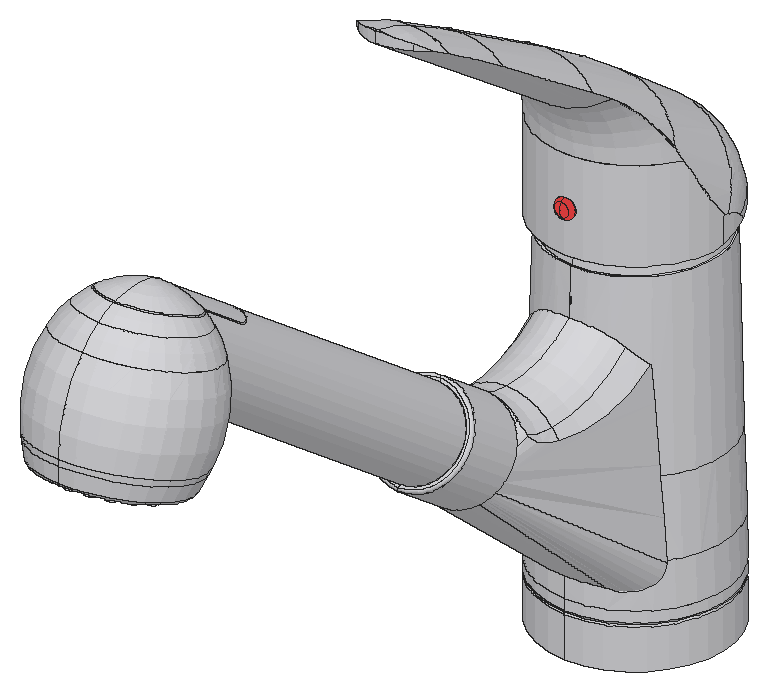
Revit family "Faucet-Kitchen-KOHLER-SOLEO-K-8691T", category Plumbing Fixtures, host Face, Revit 2017 (continued)
Definition of nested family "K-8691T"
  Lines and regions (in)
    symbolic lines, detail levels medium+fine
      curve 112: spline (0.54659, -3.74816, 0) -> (0.55416, -3.68004, 0) -> (0.56141, -3.61208, 0) -> (0.56835, -3.54427, 0) -> (0.57498, -3.47662, 0) -> (0.5813, -3.40913, 0) -> (0.58731, -3.3418, 0) -> (0.593, -3.27464, 0) -> (0.59838, -3.20764, 0) -> (0.60344, -3.14082, 0) -> (0.6082, -3.07416, 0) -> (0.61264, -3.00768, 0) -> (0.61676, -2.94138, 0)
      curve 113: spline (0.61676, -2.94138, 0) -> (0.6244, -2.83069, 0) -> (0.63249, -2.72013, 0) -> (0.64103, -2.60969, 0) -> (0.65001, -2.49938, 0) -> (0.65944, -2.3892, 0) -> (0.66932, -2.27914, 0) -> (0.67965, -2.16923, 0) -> (0.69042, -2.05944, 0) -> (0.70164, -1.94979, 0) -> (0.71331, -1.84028, 0) -> (0.72542, -1.7309, 0) -> (0.73798, -1.62167, 0)
      curve 114: spline (0.73798, -1.62167, 0) -> (0.74049, -1.59939, 0) -> (0.74296, -1.57714, 0) -> (0.7454, -1.55491, 0) -> (0.7478, -1.53271, 0) -> (0.75017, -1.51053, 0) -> (0.7525, -1.48837, 0) -> (0.75479, -1.46623, 0) -> (0.75705, -1.44412, 0) -> (0.75927, -1.42204, 0) -> (0.76146, -1.39997, 0) -> (0.76361, -1.37793, 0) -> (0.76572, -1.35592, 0)
      curve 115: line (0.76572, -1.35592, 0) -> (1.00397, -0.5916, 0)
      curve 116: arc (0.48046, 1.0314, 0) -> (0.24605, 1.11089, 0) -> (0, 1.13781, 0) r 1.13781
      curve 117: arc (0.93992, 0.68214, 0) -> (0.72895, 0.88144, 0) -> (0.48046, 1.0314, 0) r 1.35868
      curve 118: arc (0.63068, -3.48303, 0) -> (0.61212, -3.43253, 0) -> (0.5833, -3.38709, 0) r 0.25306
      curve 119: arc (0.64133, -3.5453, 0) -> (0.6372, -3.51396, 0) -> (0.63068, -3.48303, 0) r 0.41438
      curve 120: arc (1.00794, -7.96949, 0) -> (0.761, -8.76688, 0) -> (0, -9.10991, 0) r 1.01564
      curve 121: arc (0.14005, -7.53012, 0) -> (0, -7.56153, 0) -> (-0.14005, -7.53012, 0) r 0.32787
      curve 122: line (-0.56734, 0, 5.24914) -> (-0.56734, 0, 3.7086)
      curve 123: arc (-0.42576, 0, 3.43065) -> (-0.22637, 0, 3.31635) -> (0, 0, 3.27667) r 0.66559
      curve 124: arc (-0.56734, 0, 3.7086) -> (-0.52513, 0, 3.55507) -> (-0.42576, 0, 3.43065) r 0.39528
      curve 125: arc (-0.48637, 0, 3.35591) -> (-0.25866, 0, 3.22507) -> (0, 0, 3.17964) r 0.75913
      curve 126: arc (-0.63983, 0, 3.69732) -> (-0.60244, 0, 3.50893) -> (-0.48637, 0, 3.35591) r 0.42767
      curve 127: arc (-0.56734, 0, 3.95868) -> (-0.61935, 0, 3.83237) -> (-0.63983, 0, 3.69732) r 0.57043
      curve 128: line (-0.63881, 0, 3.65203) -> (-0.63881, 0, 3.18158)
      curve 129: arc (-1.16142, 0, 0.84359) -> (-1.05168, 0, 1.52385) -> (-0.92214, 0, 2.20061) r 23.59982
      curve 130: line (-1.13578, 0, 0.55129) -> (0.00054, 0, 0.55129)
      curve 131: arc (-0.92214, 0, 2.20061) -> (-0.79948, 0, 2.69658) -> (-0.63881, 0, 3.18158) r 6.59963
      curve 132: line (-1.03047, 0, 4.60343) -> (-0.89166, 0, 3.72702)
      curve 133: arc (-0.89166, 0, 3.72702) -> (-0.79708, 0, 3.59999) -> (-0.63881, 0, 3.60556) r 0.17051
      curve 134: line (-1.03047, 0, 4.60343) -> (-0.56734, 0, 4.60343)
      curve 135: line (-1.00557, 0, 4.7806) -> (-0.56734, 0, 4.7806)
      curve 136: spline (-0.08718, 0, 5.18991) -> (-0.08912, 0, 5.19422) -> (-0.09482, 0, 5.19825) -> (-0.10389, 0, 5.2017) -> (-0.1157, 0, 5.20435) -> (-0.12946, 0, 5.20602) -> (-0.14423, 0, 5.20659) -> (-0.15899, 0, 5.20602) -> (-0.17275, 0, 5.20435) -> (-0.18457, 0, 5.2017) -> (-0.19363, 0, 5.19825) -> (-0.19933, 0, 5.19422) -> (-0.20127, 0, 5.18991)
      curve 137: spline (-0.20127, 0, 5.18991) -> (-0.19933, 0, 5.18559) -> (-0.19363, 0, 5.18157) -> (-0.18457, 0, 5.17811) -> (-0.17275, 0, 5.17546) -> (-0.15899, 0, 5.1738) -> (-0.14423, 0, 5.17323) -> (-0.12946, 0, 5.1738) -> (-0.1157, 0, 5.17546) -> (-0.10389, 0, 5.17811) -> (-0.09482, 0, 5.18157) -> (-0.08912, 0, 5.18559) -> (-0.08718, 0, 5.18991)
      curve 138: spline (-0.15495, 0, 5.23447) -> (-0.1569, 0, 5.23878) -> (-0.1626, 0, 5.24281) -> (-0.17166, 0, 5.24626) -> (-0.18348, 0, 5.24891) -> (-0.19724, 0, 5.25058) -> (-0.212, 0, 5.25115) -> (-0.22677, 0, 5.25058) -> (-0.24053, 0, 5.24891) -> (-0.25234, 0, 5.24626) -> (-0.26141, 0, 5.24281) -> (-0.2671, 0, 5.23878) -> (-0.26905, 0, 5.23447)
      curve 139: spline (-0.26905, 0, 5.23447) -> (-0.2671, 0, 5.23015) -> (-0.26141, 0, 5.22613) -> (-0.25234, 0, 5.22267) -> (-0.24053, 0, 5.22002) -> (-0.22677, 0, 5.21836) -> (-0.212, 0, 5.21779) -> (-0.19724, 0, 5.21836) -> (-0.18348, 0, 5.22002) -> (-0.17166, 0, 5.22267) -> (-0.1626, 0, 5.22613) -> (-0.1569, 0, 5.23015) -> (-0.15495, 0, 5.23447)
      curve 140: spline (-0.31738, 0, 5.26413) -> (-0.31933, 0, 5.26845) -> (-0.32503, 0, 5.27247) -> (-0.33409, 0, 5.27593) -> (-0.34591, 0, 5.27858) -> (-0.35967, 0, 5.28024) -> (-0.37443, 0, 5.28081) -> (-0.3892, 0, 5.28024) -> (-0.40295, 0, 5.27858) -> (-0.41477, 0, 5.27593) -> (-0.42384, 0, 5.27247) -> (-0.42953, 0, 5.26845) -> (-0.43148, 0, 5.26413)
      curve 141: spline (-0.43148, 0, 5.26413) -> (-0.42953, 0, 5.25982) -> (-0.42384, 0, 5.25579) -> (-0.41477, 0, 5.25234) -> (-0.40295, 0, 5.24969) -> (-0.3892, 0, 5.24802) -> (-0.37443, 0, 5.24745) -> (-0.35967, 0, 5.24802) -> (-0.34591, 0, 5.24969) -> (-0.33409, 0, 5.25234) -> (-0.32503, 0, 5.25579) -> (-0.31933, 0, 5.25982) -> (-0.31738, 0, 5.26413)
      curve 142: spline (-0.31738, 0, 5.21584) -> (-0.31933, 0, 5.22015) -> (-0.32503, 0, 5.22418) -> (-0.33409, 0, 5.22763) -> (-0.34591, 0, 5.23028) -> (-0.35967, 0, 5.23195) -> (-0.37443, 0, 5.23252) -> (-0.3892, 0, 5.23195) -> (-0.40295, 0, 5.23028) -> (-0.41477, 0, 5.22763) -> (-0.42384, 0, 5.22418) -> (-0.42953, 0, 5.22015) -> (-0.43148, 0, 5.21584)
      curve 143: spline (-0.43148, 0, 5.21584) -> (-0.42953, 0, 5.21152) -> (-0.42384, 0, 5.2075) -> (-0.41477, 0, 5.20404) -> (-0.40295, 0, 5.20139) -> (-0.3892, 0, 5.19973) -> (-0.37443, 0, 5.19916) -> (-0.35967, 0, 5.19973) -> (-0.34591, 0, 5.20139) -> (-0.33409, 0, 5.20404) -> (-0.32503, 0, 5.2075) -> (-0.31933, 0, 5.21152) -> (-0.31738, 0, 5.21584)
      curve 144: spline (-0.42997, 0, 5.30904) -> (-0.43191, 0, 5.31336) -> (-0.43761, 0, 5.31738) -> (-0.44668, 0, 5.32084) -> (-0.45849, 0, 5.32349) -> (-0.47225, 0, 5.32515) -> (-0.48701, 0, 5.32572) -> (-0.50178, 0, 5.32515) -> (-0.51554, 0, 5.32349) -> (-0.52735, 0, 5.32084) -> (-0.53642, 0, 5.31738) -> (-0.54212, 0, 5.31336) -> (-0.54406, 0, 5.30904)
      curve 145: spline (-0.54406, 0, 5.30904) -> (-0.54212, 0, 5.30473) -> (-0.53642, 0, 5.3007) -> (-0.52735, 0, 5.29725) -> (-0.51554, 0, 5.2946) -> (-0.50178, 0, 5.29293) -> (-0.48701, 0, 5.29236) -> (-0.47225, 0, 5.29293) -> (-0.45849, 0, 5.2946) -> (-0.44668, 0, 5.29725) -> (-0.43761, 0, 5.3007) -> (-0.43191, 0, 5.30473) -> (-0.42997, 0, 5.30904)
      curve 146: spline (-0.48533, 0, 5.26413) -> (-0.48727, 0, 5.26845) -> (-0.49297, 0, 5.27247) -> (-0.50204, 0, 5.27593) -> (-0.51385, 0, 5.27858) -> (-0.52761, 0, 5.28024) -> (-0.54238, 0, 5.28081) -> (-0.55714, 0, 5.28024) -> (-0.5709, 0, 5.27858) -> (-0.58272, 0, 5.27593) -> (-0.59178, 0, 5.27247) -> (-0.59748, 0, 5.26845) -> (-0.59943, 0, 5.26413)
      curve 147: spline (-0.59943, 0, 5.26413) -> (-0.59748, 0, 5.25982) -> (-0.59178, 0, 5.25579) -> (-0.58272, 0, 5.25234) -> (-0.5709, 0, 5.24969) -> (-0.55714, 0, 5.24802) -> (-0.54238, 0, 5.24745) -> (-0.52761, 0, 5.24802) -> (-0.51385, 0, 5.24969) -> (-0.50204, 0, 5.25234) -> (-0.49297, 0, 5.25579) -> (-0.48727, 0, 5.25982) -> (-0.48533, 0, 5.26413)
      curve 148: spline (-0.5786, 0, 5.32165) -> (-0.58055, 0, 5.32597) -> (-0.58625, 0, 5.32999) -> (-0.59531, 0, 5.33345) -> (-0.60713, 0, 5.3361) -> (-0.62089, 0, 5.33776) -> (-0.63565, 0, 5.33833) -> (-0.65042, 0, 5.33776) -> (-0.66417, 0, 5.3361) -> (-0.67599, 0, 5.33345) -> (-0.68506, 0, 5.32999) -> (-0.69075, 0, 5.32597) -> (-0.6927, 0, 5.32165)
      curve 149: spline (-0.6927, 0, 5.32165) -> (-0.69075, 0, 5.31734) -> (-0.68506, 0, 5.31331) -> (-0.67599, 0, 5.30986) -> (-0.66417, 0, 5.30721) -> (-0.65042, 0, 5.30554) -> (-0.63565, 0, 5.30497) -> (-0.62089, 0, 5.30554) -> (-0.60713, 0, 5.30721) -> (-0.59531, 0, 5.30986) -> (-0.58625, 0, 5.31331) -> (-0.58055, 0, 5.31734) -> (-0.5786, 0, 5.32165)
      curve 150: spline (-0.47297, 0, 5.36294) -> (-0.47492, 0, 5.36726) -> (-0.48062, 0, 5.37128) -> (-0.48968, 0, 5.37474) -> (-0.5015, 0, 5.37739) -> (-0.51525, 0, 5.37905) -> (-0.53002, 0, 5.37962) -> (-0.54478, 0, 5.37905) -> (-0.55854, 0, 5.37739) -> (-0.57036, 0, 5.37474) -> (-0.57942, 0, 5.37128) -> (-0.58512, 0, 5.36726) -> (-0.58707, 0, 5.36294)
      curve 151: spline (-0.58707, 0, 5.36294) -> (-0.58512, 0, 5.35862) -> (-0.57942, 0, 5.3546) -> (-0.57036, 0, 5.35115) -> (-0.55854, 0, 5.3485) -> (-0.54478, 0, 5.34683) -> (-0.53002, 0, 5.34626) -> (-0.51525, 0, 5.34683) -> (-0.5015, 0, 5.3485) -> (-0.48968, 0, 5.35115) -> (-0.48062, 0, 5.3546) -> (-0.47492, 0, 5.35862) -> (-0.47297, 0, 5.36294)
      curve 152: spline (-0.638, 0, 5.37585) -> (-0.63995, 0, 5.38017) -> (-0.64565, 0, 5.38419) -> (-0.65471, 0, 5.38765) -> (-0.66653, 0, 5.3903) -> (-0.68028, 0, 5.39196) -> (-0.69505, 0, 5.39253) -> (-0.70981, 0, 5.39196) -> (-0.72357, 0, 5.3903) -> (-0.73539, 0, 5.38765) -> (-0.74445, 0, 5.38419) -> (-0.75015, 0, 5.38017) -> (-0.7521, 0, 5.37585)
      curve 153: spline (-0.7521, 0, 5.37585) -> (-0.75015, 0, 5.37154) -> (-0.74445, 0, 5.36751) -> (-0.73539, 0, 5.36406) -> (-0.72357, 0, 5.36141) -> (-0.70981, 0, 5.35974) -> (-0.69505, 0, 5.35917) -> (-0.68028, 0, 5.35974) -> (-0.66653, 0, 5.36141) -> (-0.65471, 0, 5.36406) -> (-0.64565, 0, 5.36751) -> (-0.63995, 0, 5.37154) -> (-0.638, 0, 5.37585)
      curve 154: spline (-0.50733, 0, 5.41232) -> (-0.50927, 0, 5.41663) -> (-0.51497, 0, 5.42066) -> (-0.52404, 0, 5.42411) -> (-0.53585, 0, 5.42676) -> (-0.54961, 0, 5.42843) -> (-0.56438, 0, 5.429) -> (-0.57914, 0, 5.42843) -> (-0.5929, 0, 5.42676) -> (-0.60472, 0, 5.42411) -> (-0.61378, 0, 5.42066) -> (-0.61948, 0, 5.41663) -> (-0.62142, 0, 5.41232)
      curve 155: spline (-0.62142, 0, 5.41232) -> (-0.61948, 0, 5.408) -> (-0.61378, 0, 5.40398) -> (-0.60472, 0, 5.40052) -> (-0.5929, 0, 5.39787) -> (-0.57914, 0, 5.39621) -> (-0.56438, 0, 5.39564) -> (-0.54961, 0, 5.39621) -> (-0.53585, 0, 5.39787) -> (-0.52404, 0, 5.40052) -> (-0.51497, 0, 5.40398) -> (-0.50927, 0, 5.408) -> (-0.50733, 0, 5.41232)
      curve 156: spline (-0.62941, 0, 5.45057) -> (-0.63136, 0, 5.45489) -> (-0.63706, 0, 5.45891) -> (-0.64612, 0, 5.46236) -> (-0.65794, 0, 5.46501) -> (-0.6717, 0, 5.46668) -> (-0.68646, 0, 5.46725) -> (-0.70123, 0, 5.46668) -> (-0.71498, 0, 5.46501) -> (-0.7268, 0, 5.46236) -> (-0.73587, 0, 5.45891) -> (-0.74156, 0, 5.45489) -> (-0.74351, 0, 5.45057)
      curve 157: spline (-0.74351, 0, 5.45057) -> (-0.74156, 0, 5.44625) -> (-0.73587, 0, 5.44223) -> (-0.7268, 0, 5.43878) -> (-0.71498, 0, 5.43612) -> (-0.70123, 0, 5.43446) -> (-0.68646, 0, 5.43389) -> (-0.6717, 0, 5.43446) -> (-0.65794, 0, 5.43612) -> (-0.64612, 0, 5.43878) -> (-0.63706, 0, 5.44223) -> (-0.63136, 0, 5.44625) -> (-0.62941, 0, 5.45057)
      curve 158: spline (-0.52758, 0, 5.50626) -> (-0.52952, 0, 5.51058) -> (-0.53522, 0, 5.5146) -> (-0.54429, 0, 5.51806) -> (-0.5561, 0, 5.52071) -> (-0.56986, 0, 5.52237) -> (-0.58462, 0, 5.52294) -> (-0.59939, 0, 5.52237) -> (-0.61315, 0, 5.52071) -> (-0.62496, 0, 5.51806) -> (-0.63403, 0, 5.5146) -> (-0.63973, 0, 5.51058) -> (-0.64167, 0, 5.50626)
      curve 159: spline (-0.64167, 0, 5.50626) -> (-0.63973, 0, 5.50195) -> (-0.63403, 0, 5.49792) -> (-0.62496, 0, 5.49447) -> (-0.61315, 0, 5.49182) -> (-0.59939, 0, 5.49015) -> (-0.58462, 0, 5.48958) -> (-0.56986, 0, 5.49015) -> (-0.5561, 0, 5.49182) -> (-0.54429, 0, 5.49447) -> (-0.53522, 0, 5.49792) -> (-0.52952, 0, 5.50195) -> (-0.52758, 0, 5.50626)
      curve 160: spline (-0.46698, 0, 5.46241) -> (-0.46892, 0, 5.46673) -> (-0.47462, 0, 5.47075) -> (-0.48369, 0, 5.4742) -> (-0.4955, 0, 5.47685) -> (-0.50926, 0, 5.47852) -> (-0.52402, 0, 5.47909) -> (-0.53879, 0, 5.47852) -> (-0.55255, 0, 5.47685) -> (-0.56436, 0, 5.4742) -> (-0.57343, 0, 5.47075) -> (-0.57913, 0, 5.46673) -> (-0.58107, 0, 5.46241)
      curve 161: spline (-0.58107, 0, 5.46241) -> (-0.57913, 0, 5.45809) -> (-0.57343, 0, 5.45407) -> (-0.56436, 0, 5.45062) -> (-0.55255, 0, 5.44797) -> (-0.53879, 0, 5.4463) -> (-0.52402, 0, 5.44573) -> (-0.50926, 0, 5.4463) -> (-0.4955, 0, 5.44797) -> (-0.48369, 0, 5.45062) -> (-0.47462, 0, 5.45407) -> (-0.46892, 0, 5.45809) -> (-0.46698, 0, 5.46241)
      curve 162: spline (-0.36233, 0, 5.50626) -> (-0.36428, 0, 5.51058) -> (-0.36998, 0, 5.5146) -> (-0.37904, 0, 5.51806) -> (-0.39086, 0, 5.52071) -> (-0.40461, 0, 5.52237) -> (-0.41938, 0, 5.52294) -> (-0.43414, 0, 5.52237) -> (-0.4479, 0, 5.52071) -> (-0.45972, 0, 5.51806) -> (-0.46878, 0, 5.5146) -> (-0.47448, 0, 5.51058) -> (-0.47643, 0, 5.50626)
      curve 163: spline (-0.47643, 0, 5.50626) -> (-0.47448, 0, 5.50195) -> (-0.46878, 0, 5.49792) -> (-0.45972, 0, 5.49447) -> (-0.4479, 0, 5.49182) -> (-0.43414, 0, 5.49015) -> (-0.41938, 0, 5.48958) -> (-0.40461, 0, 5.49015) -> (-0.39086, 0, 5.49182) -> (-0.37904, 0, 5.49447) -> (-0.36998, 0, 5.49792) -> (-0.36428, 0, 5.50195) -> (-0.36233, 0, 5.50626)
      curve 164: spline (-0.36848, 0, 5.55767) -> (-0.37043, 0, 5.56199) -> (-0.37613, 0, 5.56601) -> (-0.38519, 0, 5.56947) -> (-0.39701, 0, 5.57212) -> (-0.41077, 0, 5.57379) -> (-0.42553, 0, 5.57435) -> (-0.4403, 0, 5.57379) -> (-0.45405, 0, 5.57212) -> (-0.46587, 0, 5.56947) -> (-0.47494, 0, 5.56601) -> (-0.48063, 0, 5.56199) -> (-0.48258, 0, 5.55767)
      curve 165: spline (-0.48258, 0, 5.55767) -> (-0.48063, 0, 5.55336) -> (-0.47494, 0, 5.54933) -> (-0.46587, 0, 5.54588) -> (-0.45405, 0, 5.54323) -> (-0.4403, 0, 5.54156) -> (-0.42553, 0, 5.541) -> (-0.41077, 0, 5.54156) -> (-0.39701, 0, 5.54323) -> (-0.38519, 0, 5.54588) -> (-0.37613, 0, 5.54933) -> (-0.37043, 0, 5.55336) -> (-0.36848, 0, 5.55767)
      curve 166: spline (-0.16883, 0, 5.58552) -> (-0.17077, 0, 5.58984) -> (-0.17647, 0, 5.59386) -> (-0.18554, 0, 5.59732) -> (-0.19735, 0, 5.59997) -> (-0.21111, 0, 5.60163) -> (-0.22587, 0, 5.6022) -> (-0.24064, 0, 5.60163) -> (-0.2544, 0, 5.59997) -> (-0.26621, 0, 5.59732) -> (-0.27528, 0, 5.59386) -> (-0.28098, 0, 5.58984) -> (-0.28292, 0, 5.58552)
      curve 167: spline (-0.28292, 0, 5.58552) -> (-0.28098, 0, 5.58121) -> (-0.27528, 0, 5.57718) -> (-0.26621, 0, 5.57373) -> (-0.2544, 0, 5.57108) -> (-0.24064, 0, 5.56941) -> (-0.22587, 0, 5.56884) -> (-0.21111, 0, 5.56941) -> (-0.19735, 0, 5.57108) -> (-0.18554, 0, 5.57373) -> (-0.17647, 0, 5.57718) -> (-0.17077, 0, 5.58121) -> (-0.16883, 0, 5.58552)
      curve 168: spline (-0.21291, 0, 5.53742) -> (-0.21485, 0, 5.54174) -> (-0.22055, 0, 5.54576) -> (-0.22962, 0, 5.54922) -> (-0.24143, 0, 5.55187) -> (-0.25519, 0, 5.55353) -> (-0.26996, 0, 5.5541) -> (-0.28472, 0, 5.55353) -> (-0.29848, 0, 5.55187) -> (-0.3103, 0, 5.54922) -> (-0.31936, 0, 5.54576) -> (-0.32506, 0, 5.54174) -> (-0.327, 0, 5.53742)
      curve 169: spline (-0.327, 0, 5.53742) -> (-0.32506, 0, 5.53311) -> (-0.31936, 0, 5.52908) -> (-0.3103, 0, 5.52563) -> (-0.29848, 0, 5.52298) -> (-0.28472, 0, 5.52131) -> (-0.26996, 0, 5.52074) -> (-0.25519, 0, 5.52131) -> (-0.24143, 0, 5.52298) -> (-0.22962, 0, 5.52563) -> (-0.22055, 0, 5.52908) -> (-0.21485, 0, 5.53311) -> (-0.21291, 0, 5.53742)
      curve 170: spline (-0.03536, 0, 5.5555) -> (-0.03731, 0, 5.55981) -> (-0.04301, 0, 5.56384) -> (-0.05207, 0, 5.56729) -> (-0.06389, 0, 5.56994) -> (-0.07765, 0, 5.57161) -> (-0.09241, 0, 5.57218) -> (-0.10718, 0, 5.57161) -> (-0.12094, 0, 5.56994) -> (-0.13275, 0, 5.56729) -> (-0.14182, 0, 5.56384) -> (-0.14752, 0, 5.55981) -> (-0.14946, 0, 5.5555)
      curve 171: spline (-0.14946, 0, 5.5555) -> (-0.14752, 0, 5.55118) -> (-0.14182, 0, 5.54716) -> (-0.13275, 0, 5.5437) -> (-0.12094, 0, 5.54105) -> (-0.10718, 0, 5.53939) -> (-0.09241, 0, 5.53882) -> (-0.07765, 0, 5.53939) -> (-0.06389, 0, 5.54105) -> (-0.05207, 0, 5.5437) -> (-0.04301, 0, 5.54716) -> (-0.03731, 0, 5.55118) -> (-0.03536, 0, 5.5555)
      curve 172: spline (0.05705, 0, 5.59836) -> (0.0551, 0, 5.60268) -> (0.0494, 0, 5.6067) -> (0.04034, 0, 5.61015) -> (0.02852, 0, 5.6128) -> (0.01476, 0, 5.61447) -> (0, 0, 5.61504) -> (-0.01476, 0, 5.61447) -> (-0.02852, 0, 5.6128) -> (-0.04034, 0, 5.61015) -> (-0.0494, 0, 5.6067) -> (-0.0551, 0, 5.60268) -> (-0.05705, 0, 5.59836)
      curve 173: spline (-0.05705, 0, 5.59836) -> (-0.0551, 0, 5.59404) -> (-0.0494, 0, 5.59002) -> (-0.04034, 0, 5.58657) -> (-0.02852, 0, 5.58392) -> (-0.01476, 0, 5.58225) -> (0, 0, 5.58168) -> (0.01476, 0, 5.58225) -> (0.02852, 0, 5.58392) -> (0.04034, 0, 5.58657) -> (0.0494, 0, 5.59002) -> (0.0551, 0, 5.59404) -> (0.05705, 0, 5.59836)
      curve 174: arc (-0.50734, 0, 5.68763) -> (-0.25454, 0, 5.71922) -> (0, 0, 5.72978) r 3.07437
      curve 175: arc (-0.08718, 0, 5.18991) -> (-0.04364, 0, 5.18672) -> (0, 0, 5.18566) r 0.89701
      curve 176: arc (-0.20127, 0, 5.19606) -> (-0.26401, 0, 5.19743) -> (-0.32603, 0, 5.20701) r 0.47775
      curve 177: arc (-0.62457, 0, 5.26381) -> (-0.52914, 0, 5.23808) -> (-0.43148, 0, 5.22283) r 0.91085
      curve 178: arc (-0.76763, 0, 5.31679) -> (-0.69659, 0, 5.28898) -> (-0.62457, 0, 5.26381) r 2.06369
      curve 179: arc (-0.88613, 0, 5.41415) -> (-0.83414, 0, 5.35663) -> (-0.76763, 0, 5.31679) r 0.2628
      curve 180: arc (-0.88613, 0, 5.41415) -> (-0.89741, 0, 5.44518) -> (-0.89319, 0, 5.47793) r 0.06991
      curve 181: line (-0.08718, 0, 5.18991) -> (-0.08718, 0, 5.30094)
      curve 182: line (-0.20127, 0, 5.18991) -> (-0.20127, 0, 5.22572)
      curve 183: line (-0.26905, 0, 5.23447) -> (-0.26905, 0, 5.3342)
      curve 184: arc (-0.1549, 0, 5.31705) -> (-0.07761, 0, 5.30968) -> (0, 0, 5.30722) r 1.22594
      curve 185: arc (-0.32552, 0, 5.35701) -> (-0.24125, 0, 5.33261) -> (-0.1549, 0, 5.31705) r 0.84916
      curve 186: arc (-0.39484, 0, 5.40324) -> (-0.36314, 0, 5.37568) -> (-0.32552, 0, 5.35701) r 0.16531
      curve 187: arc (-0.18909, 0, 5.52224) -> (-0.09501, 0, 5.53629) -> (0, 0, 5.541) r 0.96243
      curve 188: arc (-0.34979, 0, 5.47897) -> (-0.27015, 0, 5.50323) -> (-0.18909, 0, 5.52224) r 1.27648
      curve 189: arc (-0.38961, 0, 5.45774) -> (-0.37056, 0, 5.46997) -> (-0.34979, 0, 5.47897) r 0.1402
      curve 190: arc (-0.39484, 0, 5.40324) -> (-0.40413, 0, 5.43163) -> (-0.38961, 0, 5.45774) r 0.03732
      curve 191: line (-0.41938, 0, 5.48958) -> (-0.41938, 0, 5.44849)
      curve 192: arc (-0.41938, 0, 5.44849) -> (-0.40785, 0, 5.41089) -> (-0.37724, 0, 5.38621) r 0.06709
      curve 193: arc (-0.82925, 0, 5.55741) -> (-0.67544, 0, 5.64018) -> (-0.50734, 0, 5.68763) r 0.80058
      curve 194: arc (-0.89319, 0, 5.47793) -> (-0.86703, 0, 5.52234) -> (-0.82925, 0, 5.55741) r 0.17813
      curve 195: line (-0.05705, 0, 5.59836) -> (-0.05705, 0, 5.6718)
      curve 196: line (0, 0, 5.67239) -> (0.06281, 0, 5.67239)
      curve 197: arc (-0.29455, 0, 5.65657) -> (-0.14749, 0, 5.66843) -> (0, 0, 5.67239) r 2.75094
      curve 198: arc (-0.64777, 0, 5.57161) -> (-0.4739, 0, 5.62548) -> (-0.29455, 0, 5.65657) r 1.4144
      curve 199: arc (-0.77589, 0, 5.47695) -> (-0.7183, 0, 5.53303) -> (-0.64777, 0, 5.57161) r 0.29702
      curve 200: line (-0.03536, 0, 5.5555) -> (-0.03536, 0, 5.5902)
      curve 201: line (-0.14946, 0, 5.5555) -> (-0.14946, 0, 5.66833)
      curve 202: line (-0.28292, 0, 5.58552) -> (-0.28292, 0, 5.6578)
      curve 203: line (-0.16883, 0, 5.58552) -> (-0.16883, 0, 5.6672)
      curve 204: line (-0.327, 0, 5.53742) -> (-0.327, 0, 5.6527)
      curve 205: line (-0.21291, 0, 5.53742) -> (-0.21291, 0, 5.56928)
      curve 206: line (-0.36848, 0, 5.55767) -> (-0.36848, 0, 5.64663)
      curve 207: line (-0.48258, 0, 5.55767) -> (-0.48258, 0, 5.62336)
      curve 208: line (-0.47643, 0, 5.50626) -> (-0.47643, 0, 5.55014)
      curve 209: line (-0.36233, 0, 5.50626) -> (-0.36233, 0, 5.616)
      curve 210: line (-0.64167, 0, 5.50626) -> (-0.64167, 0, 5.57392)
      curve 211: line (-0.52758, 0, 5.50626) -> (-0.52758, 0, 5.61145)
      curve 212: line (-0.46698, 0, 5.46241) -> (-0.46698, 0, 5.49707)
      curve 213: line (-0.58107, 0, 5.46241) -> (-0.59699, 0, 5.48998)
      curve 214: line (-0.62142, 0, 5.41232) -> (-0.62142, 0, 5.49352)
      curve 215: line (-0.50733, 0, 5.41232) -> (-0.50733, 0, 5.44646)
      curve 216: line (-0.47297, 0, 5.36294) -> (-0.47297, 0, 5.45497)
      curve 217: line (-0.58707, 0, 5.36294) -> (-0.58707, 0, 5.39701)
      curve 218: line (-0.74351, 0, 5.45057) -> (-0.74351, 0, 5.51216)
      curve 219: line (-0.7521, 0, 5.37585) -> (-0.7521, 0, 5.48528)
      curve 220: line (-0.638, 0, 5.37585) -> (-0.638, 0, 5.44177)
      curve 221: line (-0.6927, 0, 5.32165) -> (-0.6927, 0, 5.35919)
      curve 222: line (-0.5786, 0, 5.32165) -> (-0.5786, 0, 5.3542)
      curve 223: line (-0.48533, 0, 5.26413) -> (-0.48533, 0, 5.2971)
      curve 224: line (-0.59943, 0, 5.26413) -> (-0.59943, 0, 5.30877)
      curve 225: line (-0.54406, 0, 5.30904) -> (-0.54406, 0, 5.34678)
      curve 226: line (-0.42997, 0, 5.30904) -> (-0.42997, 0, 5.41176)
      curve 227: line (-0.43148, 0, 5.21584) -> (-0.43148, 0, 5.30523)
      curve 228: line (-0.31738, 0, 5.21584) -> (-0.31738, 0, 5.35423)
      curve 229: arc (-0.7521, 0, 5.3937) -> (-0.78518, 0, 5.42927) -> (-0.77589, 0, 5.47695) r 0.05355
      curve 230: arc (-1.05447, 0, 5.93705) -> (-1.00574, 0, 5.72525) -> (-0.93483, 0, 5.51982) r 2.04671
      curve 231: arc (-0.93483, 0, 5.51982) -> (-0.91704, 0, 5.47967) -> (-0.89677, 0, 5.44072) r 0.69757
      curve 232: arc (-0.73179, 0, 7.1839) -> (-0.40258, 0, 7.43173) -> (0, 0, 7.51969) r 0.96531
      curve 233: spline (0, 0, 7.47417) -> (-0.04623, 0, 7.47358) -> (-0.09218, 0, 7.47176) -> (-0.13753, 0, 7.46873) -> (-0.18202, 0, 7.46451) -> (-0.22536, 0, 7.45911) -> (-0.26727, 0, 7.45258) -> (-0.3075, 0, 7.44495) -> (-0.34577, 0, 7.43628) -> (-0.38187, 0, 7.42661) -> (-0.41554, 0, 7.41602) -> (-0.44659, 0, 7.40456) -> (-0.47482, 0, 7.39232)
      curve 234: spline (-0.45876, 0, 7.40253) -> (-0.43149, 0, 7.41432) -> (-0.40149, 0, 7.42535) -> (-0.36895, 0, 7.43555) -> (-0.33408, 0, 7.44486) -> (-0.2971, 0, 7.45322) -> (-0.25823, 0, 7.46058) -> (-0.21774, 0, 7.46689) -> (-0.17587, 0, 7.4721) -> (-0.13288, 0, 7.4762) -> (-0.08906, 0, 7.47914) -> (-0.04467, 0, 7.48092) -> (0, 0, 7.48152)
      curve 235: spline (0, 0, 8.63583) -> (-0.03459, 0, 8.63703) -> (-0.06903, 0, 8.63765) -> (-0.10317, 0, 8.6377) -> (-0.13685, 0, 8.63716) -> (-0.16992, 0, 8.63606) -> (-0.20223, 0, 8.63438) -> (-0.23363, 0, 8.63214) -> (-0.26398, 0, 8.62935) -> (-0.29314, 0, 8.62603) -> (-0.32099, 0, 8.62217) -> (-0.34738, 0, 8.61781) -> (-0.37222, 0, 8.61297)
      curve 236: arc (-0.37222, 0, 8.61297) -> (-0.45827, 0, 8.5818) -> (-0.53249, 0, 8.52824) r 0.33064
      curve 237: arc (-0.91749, 0, 6.91172) -> (-0.47269, 0, 7.08186) -> (0, 0, 7.13971) r 1.96007
      curve 238: line (0.56734, 0, 5.24914) -> (0.56734, 0, 3.7086)
      curve 239: arc (0.42576, 0, 3.43065) -> (0.22637, 0, 3.31635) -> (0, 0, 3.27667) r 0.66559
      curve 240: arc (0.56734, 0, 3.7086) -> (0.52513, 0, 3.55507) -> (0.42576, 0, 3.43065) r 0.39528
      curve 241: arc (0.48637, 0, 3.35591) -> (0.25866, 0, 3.22507) -> (0, 0, 3.17964) r 0.75913
      curve 242: arc (0.63983, 0, 3.69732) -> (0.60244, 0, 3.50893) -> (0.48637, 0, 3.35591) r 0.42767
      curve 243: arc (0.56734, 0, 3.95868) -> (0.61935, 0, 3.83237) -> (0.63983, 0, 3.69732) r 0.57043
      curve 244: arc (1.16142, 0, 0.84359) -> (1.05168, 0, 1.52385) -> (0.92214, 0, 2.20061) r 23.59982
      curve 245: line (1.13578, 0, 0.55129) -> (0.00054, 0, 0.55129)
      curve 246: arc (0.92214, 0, 2.20061) -> (0.79948, 0, 2.69658) -> (0.63881, 0, 3.18158) r 6.59963
      curve 247: line (1.03047, 0, 4.60343) -> (0.89166, 0, 3.72702)
      curve 248: arc (0.89166, 0, 3.72702) -> (0.79708, 0, 3.59999) -> (0.63881, 0, 3.60556) r 0.17051
      curve 249: line (1.03047, 0, 4.60343) -> (0.56734, 0, 4.60343)
      curve 250: line (1.00557, 0, 4.7806) -> (0.56734, 0, 4.7806)
      curve 251: spline (0.08718, 0, 5.18991) -> (0.08912, 0, 5.19422) -> (0.09482, 0, 5.19825) -> (0.10389, 0, 5.2017) -> (0.1157, 0, 5.20435) -> (0.12946, 0, 5.20602) -> (0.14423, 0, 5.20659) -> (0.15899, 0, 5.20602) -> (0.17275, 0, 5.20435) -> (0.18457, 0, 5.2017) -> (0.19363, 0, 5.19825) -> (0.19933, 0, 5.19422) -> (0.20127, 0, 5.18991)
      curve 252: spline (0.20127, 0, 5.18991) -> (0.19933, 0, 5.18559) -> (0.19363, 0, 5.18157) -> (0.18457, 0, 5.17811) -> (0.17275, 0, 5.17546) -> (0.15899, 0, 5.1738) -> (0.14423, 0, 5.17323) -> (0.12946, 0, 5.1738) -> (0.1157, 0, 5.17546) -> (0.10389, 0, 5.17811) -> (0.09482, 0, 5.18157) -> (0.08912, 0, 5.18559) -> (0.08718, 0, 5.18991)
      curve 253: spline (0.15495, 0, 5.23447) -> (0.1569, 0, 5.23878) -> (0.1626, 0, 5.24281) -> (0.17166, 0, 5.24626) -> (0.18348, 0, 5.24891) -> (0.19724, 0, 5.25058) -> (0.212, 0, 5.25115) -> (0.22677, 0, 5.25058) -> (0.24053, 0, 5.24891) -> (0.25234, 0, 5.24626) -> (0.26141, 0, 5.24281) -> (0.2671, 0, 5.23878) -> (0.26905, 0, 5.23447)
      curve 254: spline (0.26905, 0, 5.23447) -> (0.2671, 0, 5.23015) -> (0.26141, 0, 5.22613) -> (0.25234, 0, 5.22267) -> (0.24053, 0, 5.22002) -> (0.22677, 0, 5.21836) -> (0.212, 0, 5.21779) -> (0.19724, 0, 5.21836) -> (0.18348, 0, 5.22002) -> (0.17166, 0, 5.22267) -> (0.1626, 0, 5.22613) -> (0.1569, 0, 5.23015) -> (0.15495, 0, 5.23447)
      curve 255: spline (0.31738, 0, 5.26413) -> (0.31933, 0, 5.26845) -> (0.32503, 0, 5.27247) -> (0.33409, 0, 5.27593) -> (0.34591, 0, 5.27858) -> (0.35967, 0, 5.28024) -> (0.37443, 0, 5.28081) -> (0.3892, 0, 5.28024) -> (0.40295, 0, 5.27858) -> (0.41477, 0, 5.27593) -> (0.42384, 0, 5.27247) -> (0.42953, 0, 5.26845) -> (0.43148, 0, 5.26413)
      curve 256: spline (0.43148, 0, 5.26413) -> (0.42953, 0, 5.25982) -> (0.42384, 0, 5.25579) -> (0.41477, 0, 5.25234) -> (0.40295, 0, 5.24969) -> (0.3892, 0, 5.24802) -> (0.37443, 0, 5.24745) -> (0.35967, 0, 5.24802) -> (0.34591, 0, 5.24969) -> (0.33409, 0, 5.25234) -> (0.32503, 0, 5.25579) -> (0.31933, 0, 5.25982) -> (0.31738, 0, 5.26413)
      curve 257: spline (0.31738, 0, 5.21584) -> (0.31933, 0, 5.22015) -> (0.32503, 0, 5.22418) -> (0.33409, 0, 5.22763) -> (0.34591, 0, 5.23028) -> (0.35967, 0, 5.23195) -> (0.37443, 0, 5.23252) -> (0.3892, 0, 5.23195) -> (0.40295, 0, 5.23028) -> (0.41477, 0, 5.22763) -> (0.42384, 0, 5.22418) -> (0.42953, 0, 5.22015) -> (0.43148, 0, 5.21584)
      curve 258: spline (0.43148, 0, 5.21584) -> (0.42953, 0, 5.21152) -> (0.42384, 0, 5.2075) -> (0.41477, 0, 5.20404) -> (0.40295, 0, 5.20139) -> (0.3892, 0, 5.19973) -> (0.37443, 0, 5.19916) -> (0.35967, 0, 5.19973) -> (0.34591, 0, 5.20139) -> (0.33409, 0, 5.20404) -> (0.32503, 0, 5.2075) -> (0.31933, 0, 5.21152) -> (0.31738, 0, 5.21584)
      curve 259: spline (0.42997, 0, 5.30904) -> (0.43191, 0, 5.31336) -> (0.43761, 0, 5.31738) -> (0.44668, 0, 5.32084) -> (0.45849, 0, 5.32349) -> (0.47225, 0, 5.32515) -> (0.48701, 0, 5.32572) -> (0.50178, 0, 5.32515) -> (0.51554, 0, 5.32349) -> (0.52735, 0, 5.32084) -> (0.53642, 0, 5.31738) -> (0.54212, 0, 5.31336) -> (0.54406, 0, 5.30904)
      curve 260: spline (0.54406, 0, 5.30904) -> (0.54212, 0, 5.30473) -> (0.53642, 0, 5.3007) -> (0.52735, 0, 5.29725) -> (0.51554, 0, 5.2946) -> (0.50178, 0, 5.29293) -> (0.48701, 0, 5.29236) -> (0.47225, 0, 5.29293) -> (0.45849, 0, 5.2946) -> (0.44668, 0, 5.29725) -> (0.43761, 0, 5.3007) -> (0.43191, 0, 5.30473) -> (0.42997, 0, 5.30904)
      curve 261: spline (0.48533, 0, 5.26413) -> (0.48727, 0, 5.26845) -> (0.49297, 0, 5.27247) -> (0.50204, 0, 5.27593) -> (0.51385, 0, 5.27858) -> (0.52761, 0, 5.28024) -> (0.54238, 0, 5.28081) -> (0.55714, 0, 5.28024) -> (0.5709, 0, 5.27858) -> (0.58272, 0, 5.27593) -> (0.59178, 0, 5.27247) -> (0.59748, 0, 5.26845) -> (0.59943, 0, 5.26413)
      curve 262: spline (0.59943, 0, 5.26413) -> (0.59748, 0, 5.25982) -> (0.59178, 0, 5.25579) -> (0.58272, 0, 5.25234) -> (0.5709, 0, 5.24969) -> (0.55714, 0, 5.24802) -> (0.54238, 0, 5.24745) -> (0.52761, 0, 5.24802) -> (0.51385, 0, 5.24969) -> (0.50204, 0, 5.25234) -> (0.49297, 0, 5.25579) -> (0.48727, 0, 5.25982) -> (0.48533, 0, 5.26413)
      curve 263: spline (0.5786, 0, 5.32165) -> (0.58055, 0, 5.32597) -> (0.58625, 0, 5.32999) -> (0.59531, 0, 5.33345) -> (0.60713, 0, 5.3361) -> (0.62089, 0, 5.33776) -> (0.63565, 0, 5.33833) -> (0.65042, 0, 5.33776) -> (0.66417, 0, 5.3361) -> (0.67599, 0, 5.33345) -> (0.68506, 0, 5.32999) -> (0.69075, 0, 5.32597) -> (0.6927, 0, 5.32165)
      curve 264: spline (0.6927, 0, 5.32165) -> (0.69075, 0, 5.31734) -> (0.68506, 0, 5.31331) -> (0.67599, 0, 5.30986) -> (0.66417, 0, 5.30721) -> (0.65042, 0, 5.30554) -> (0.63565, 0, 5.30497) -> (0.62089, 0, 5.30554) -> (0.60713, 0, 5.30721) -> (0.59531, 0, 5.30986) -> (0.58625, 0, 5.31331) -> (0.58055, 0, 5.31734) -> (0.5786, 0, 5.32165)
      curve 265: spline (0.47297, 0, 5.36294) -> (0.47492, 0, 5.36726) -> (0.48062, 0, 5.37128) -> (0.48968, 0, 5.37474) -> (0.5015, 0, 5.37739) -> (0.51525, 0, 5.37905) -> (0.53002, 0, 5.37962) -> (0.54478, 0, 5.37905) -> (0.55854, 0, 5.37739) -> (0.57036, 0, 5.37474) -> (0.57942, 0, 5.37128) -> (0.58512, 0, 5.36726) -> (0.58707, 0, 5.36294)
      curve 266: spline (0.58707, 0, 5.36294) -> (0.58512, 0, 5.35862) -> (0.57942, 0, 5.3546) -> (0.57036, 0, 5.35115) -> (0.55854, 0, 5.3485) -> (0.54478, 0, 5.34683) -> (0.53002, 0, 5.34626) -> (0.51525, 0, 5.34683) -> (0.5015, 0, 5.3485) -> (0.48968, 0, 5.35115) -> (0.48062, 0, 5.3546) -> (0.47492, 0, 5.35862) -> (0.47297, 0, 5.36294)
      curve 267: spline (0.638, 0, 5.37585) -> (0.63995, 0, 5.38017) -> (0.64565, 0, 5.38419) -> (0.65471, 0, 5.38765) -> (0.66653, 0, 5.3903) -> (0.68028, 0, 5.39196) -> (0.69505, 0, 5.39253) -> (0.70981, 0, 5.39196) -> (0.72357, 0, 5.3903) -> (0.73539, 0, 5.38765) -> (0.74445, 0, 5.38419) -> (0.75015, 0, 5.38017) -> (0.7521, 0, 5.37585)
      curve 268: spline (0.7521, 0, 5.37585) -> (0.75015, 0, 5.37154) -> (0.74445, 0, 5.36751) -> (0.73539, 0, 5.36406) -> (0.72357, 0, 5.36141) -> (0.70981, 0, 5.35974) -> (0.69505, 0, 5.35917) -> (0.68028, 0, 5.35974) -> (0.66653, 0, 5.36141) -> (0.65471, 0, 5.36406) -> (0.64565, 0, 5.36751) -> (0.63995, 0, 5.37154) -> (0.638, 0, 5.37585)
      curve 269: spline (0.50733, 0, 5.41232) -> (0.50927, 0, 5.41663) -> (0.51497, 0, 5.42066) -> (0.52404, 0, 5.42411) -> (0.53585, 0, 5.42676) -> (0.54961, 0, 5.42843) -> (0.56438, 0, 5.429) -> (0.57914, 0, 5.42843) -> (0.5929, 0, 5.42676) -> (0.60472, 0, 5.42411) -> (0.61378, 0, 5.42066) -> (0.61948, 0, 5.41663) -> (0.62142, 0, 5.41232)
      curve 270: spline (0.62142, 0, 5.41232) -> (0.61948, 0, 5.408) -> (0.61378, 0, 5.40398) -> (0.60472, 0, 5.40052) -> (0.5929, 0, 5.39787) -> (0.57914, 0, 5.39621) -> (0.56438, 0, 5.39564) -> (0.54961, 0, 5.39621) -> (0.53585, 0, 5.39787) -> (0.52404, 0, 5.40052) -> (0.51497, 0, 5.40398) -> (0.50927, 0, 5.408) -> (0.50733, 0, 5.41232)
      curve 271: spline (0.62941, 0, 5.45057) -> (0.63136, 0, 5.45489) -> (0.63706, 0, 5.45891) -> (0.64612, 0, 5.46236) -> (0.65794, 0, 5.46501) -> (0.6717, 0, 5.46668) -> (0.68646, 0, 5.46725) -> (0.70123, 0, 5.46668) -> (0.71498, 0, 5.46501) -> (0.7268, 0, 5.46236) -> (0.73587, 0, 5.45891) -> (0.74156, 0, 5.45489) -> (0.74351, 0, 5.45057)
      curve 272: spline (0.74351, 0, 5.45057) -> (0.74156, 0, 5.44625) -> (0.73587, 0, 5.44223) -> (0.7268, 0, 5.43878) -> (0.71498, 0, 5.43612) -> (0.70123, 0, 5.43446) -> (0.68646, 0, 5.43389) -> (0.6717, 0, 5.43446) -> (0.65794, 0, 5.43612) -> (0.64612, 0, 5.43878) -> (0.63706, 0, 5.44223) -> (0.63136, 0, 5.44625) -> (0.62941, 0, 5.45057)
      curve 273: spline (0.52758, 0, 5.50626) -> (0.52952, 0, 5.51058) -> (0.53522, 0, 5.5146) -> (0.54429, 0, 5.51806) -> (0.5561, 0, 5.52071) -> (0.56986, 0, 5.52237) -> (0.58462, 0, 5.52294) -> (0.59939, 0, 5.52237) -> (0.61315, 0, 5.52071) -> (0.62496, 0, 5.51806) -> (0.63403, 0, 5.5146) -> (0.63973, 0, 5.51058) -> (0.64167, 0, 5.50626)
      curve 274: spline (0.64167, 0, 5.50626) -> (0.63973, 0, 5.50195) -> (0.63403, 0, 5.49792) -> (0.62496, 0, 5.49447) -> (0.61315, 0, 5.49182) -> (0.59939, 0, 5.49015) -> (0.58462, 0, 5.48958) -> (0.56986, 0, 5.49015) -> (0.5561, 0, 5.49182) -> (0.54429, 0, 5.49447) -> (0.53522, 0, 5.49792) -> (0.52952, 0, 5.50195) -> (0.52758, 0, 5.50626)
      curve 275: spline (0.46698, 0, 5.46241) -> (0.46892, 0, 5.46673) -> (0.47462, 0, 5.47075) -> (0.48369, 0, 5.4742) -> (0.4955, 0, 5.47685) -> (0.50926, 0, 5.47852) -> (0.52402, 0, 5.47909) -> (0.53879, 0, 5.47852) -> (0.55255, 0, 5.47685) -> (0.56436, 0, 5.4742) -> (0.57343, 0, 5.47075) -> (0.57913, 0, 5.46673) -> (0.58107, 0, 5.46241)
      curve 276: spline (0.58107, 0, 5.46241) -> (0.57913, 0, 5.45809) -> (0.57343, 0, 5.45407) -> (0.56436, 0, 5.45062) -> (0.55255, 0, 5.44797) -> (0.53879, 0, 5.4463) -> (0.52402, 0, 5.44573) -> (0.50926, 0, 5.4463) -> (0.4955, 0, 5.44797) -> (0.48369, 0, 5.45062) -> (0.47462, 0, 5.45407) -> (0.46892, 0, 5.45809) -> (0.46698, 0, 5.46241)
      curve 277: spline (0.36233, 0, 5.50626) -> (0.36428, 0, 5.51058) -> (0.36998, 0, 5.5146) -> (0.37904, 0, 5.51806) -> (0.39086, 0, 5.52071) -> (0.40461, 0, 5.52237) -> (0.41938, 0, 5.52294) -> (0.43414, 0, 5.52237) -> (0.4479, 0, 5.52071) -> (0.45972, 0, 5.51806) -> (0.46878, 0, 5.5146) -> (0.47448, 0, 5.51058) -> (0.47643, 0, 5.50626)
      curve 278: spline (0.47643, 0, 5.50626) -> (0.47448, 0, 5.50195) -> (0.46878, 0, 5.49792) -> (0.45972, 0, 5.49447) -> (0.4479, 0, 5.49182) -> (0.43414, 0, 5.49015) -> (0.41938, 0, 5.48958) -> (0.40461, 0, 5.49015) -> (0.39086, 0, 5.49182) -> (0.37904, 0, 5.49447) -> (0.36998, 0, 5.49792) -> (0.36428, 0, 5.50195) -> (0.36233, 0, 5.50626)
      curve 279: spline (0.36848, 0, 5.55767) -> (0.37043, 0, 5.56199) -> (0.37613, 0, 5.56601) -> (0.38519, 0, 5.56947) -> (0.39701, 0, 5.57212) -> (0.41077, 0, 5.57379) -> (0.42553, 0, 5.57435) -> (0.4403, 0, 5.57379) -> (0.45405, 0, 5.57212) -> (0.46587, 0, 5.56947) -> (0.47494, 0, 5.56601) -> (0.48063, 0, 5.56199) -> (0.48258, 0, 5.55767)
      curve 280: spline (0.48258, 0, 5.55767) -> (0.48063, 0, 5.55336) -> (0.47494, 0, 5.54933) -> (0.46587, 0, 5.54588) -> (0.45405, 0, 5.54323) -> (0.4403, 0, 5.54156) -> (0.42553, 0, 5.541) -> (0.41077, 0, 5.54156) -> (0.39701, 0, 5.54323) -> (0.38519, 0, 5.54588) -> (0.37613, 0, 5.54933) -> (0.37043, 0, 5.55336) -> (0.36848, 0, 5.55767)
      curve 281: spline (0.16883, 0, 5.58552) -> (0.17077, 0, 5.58984) -> (0.17647, 0, 5.59386) -> (0.18554, 0, 5.59732) -> (0.19735, 0, 5.59997) -> (0.21111, 0, 5.60163) -> (0.22587, 0, 5.6022) -> (0.24064, 0, 5.60163) -> (0.2544, 0, 5.59997) -> (0.26621, 0, 5.59732) -> (0.27528, 0, 5.59386) -> (0.28098, 0, 5.58984) -> (0.28292, 0, 5.58552)
      curve 282: spline (0.28292, 0, 5.58552) -> (0.28098, 0, 5.58121) -> (0.27528, 0, 5.57718) -> (0.26621, 0, 5.57373) -> (0.2544, 0, 5.57108) -> (0.24064, 0, 5.56941) -> (0.22587, 0, 5.56884) -> (0.21111, 0, 5.56941) -> (0.19735, 0, 5.57108) -> (0.18554, 0, 5.57373) -> (0.17647, 0, 5.57718) -> (0.17077, 0, 5.58121) -> (0.16883, 0, 5.58552)
      curve 283: spline (0.21291, 0, 5.53742) -> (0.21485, 0, 5.54174) -> (0.22055, 0, 5.54576) -> (0.22962, 0, 5.54922) -> (0.24143, 0, 5.55187) -> (0.25519, 0, 5.55353) -> (0.26996, 0, 5.5541) -> (0.28472, 0, 5.55353) -> (0.29848, 0, 5.55187) -> (0.3103, 0, 5.54922) -> (0.31936, 0, 5.54576) -> (0.32506, 0, 5.54174) -> (0.327, 0, 5.53742)
      curve 284: spline (0.327, 0, 5.53742) -> (0.32506, 0, 5.53311) -> (0.31936, 0, 5.52908) -> (0.3103, 0, 5.52563) -> (0.29848, 0, 5.52298) -> (0.28472, 0, 5.52131) -> (0.26996, 0, 5.52074) -> (0.25519, 0, 5.52131) -> (0.24143, 0, 5.52298) -> (0.22962, 0, 5.52563) -> (0.22055, 0, 5.52908) -> (0.21485, 0, 5.53311) -> (0.21291, 0, 5.53742)
      curve 285: spline (0.03536, 0, 5.5555) -> (0.03731, 0, 5.55981) -> (0.04301, 0, 5.56384) -> (0.05207, 0, 5.56729) -> (0.06389, 0, 5.56994) -> (0.07765, 0, 5.57161) -> (0.09241, 0, 5.57218) -> (0.10718, 0, 5.57161) -> (0.12094, 0, 5.56994) -> (0.13275, 0, 5.56729) -> (0.14182, 0, 5.56384) -> (0.14752, 0, 5.55981) -> (0.14946, 0, 5.5555)
      curve 286: spline (0.14946, 0, 5.5555) -> (0.14752, 0, 5.55118) -> (0.14182, 0, 5.54716) -> (0.13275, 0, 5.5437) -> (0.12094, 0, 5.54105) -> (0.10718, 0, 5.53939) -> (0.09241, 0, 5.53882) -> (0.07765, 0, 5.53939) -> (0.06389, 0, 5.54105) -> (0.05207, 0, 5.5437) -> (0.04301, 0, 5.54716) -> (0.03731, 0, 5.55118) -> (0.03536, 0, 5.5555)
      curve 287: arc (0.50734, 0, 5.68763) -> (0.25454, 0, 5.71922) -> (0, 0, 5.72978) r 3.07437
      curve 288: arc (0.08718, 0, 5.18991) -> (0.04364, 0, 5.18672) -> (0, 0, 5.18566) r 0.89701
      curve 289: arc (0.20127, 0, 5.19606) -> (0.26401, 0, 5.19743) -> (0.32603, 0, 5.20701) r 0.47775
      curve 290: arc (0.62457, 0, 5.26381) -> (0.52914, 0, 5.23808) -> (0.43148, 0, 5.22283) r 0.91085
      curve 291: arc (0.76763, 0, 5.31679) -> (0.69659, 0, 5.28898) -> (0.62457, 0, 5.26381) r 2.06369
      curve 292: arc (0.88613, 0, 5.41415) -> (0.83414, 0, 5.35663) -> (0.76763, 0, 5.31679) r 0.2628
      curve 293: arc (0.88613, 0, 5.41415) -> (0.89741, 0, 5.44518) -> (0.89319, 0, 5.47793) r 0.06991
      curve 294: line (0.08718, 0, 5.18991) -> (0.08718, 0, 5.30094)
      curve 295: line (0.20127, 0, 5.18991) -> (0.20127, 0, 5.22572)
      curve 296: line (0.26905, 0, 5.23447) -> (0.26905, 0, 5.3342)
      curve 297: arc (0.1549, 0, 5.31705) -> (0.07761, 0, 5.30968) -> (0, 0, 5.30722) r 1.22594
      curve 298: arc (0.32552, 0, 5.35701) -> (0.24125, 0, 5.33261) -> (0.1549, 0, 5.31705) r 0.84916
      curve 299: arc (0.39484, 0, 5.40324) -> (0.36314, 0, 5.37568) -> (0.32552, 0, 5.35701) r 0.16531
      curve 300: arc (0.18909, 0, 5.52224) -> (0.09501, 0, 5.53629) -> (0, 0, 5.541) r 0.96243
      curve 301: arc (0.34979, 0, 5.47897) -> (0.27015, 0, 5.50323) -> (0.18909, 0, 5.52224) r 1.27648
      curve 302: arc (0.38961, 0, 5.45774) -> (0.37056, 0, 5.46997) -> (0.34979, 0, 5.47897) r 0.1402
      curve 303: arc (0.39484, 0, 5.40324) -> (0.40413, 0, 5.43163) -> (0.38961, 0, 5.45774) r 0.03732
      curve 304: line (0.41938, 0, 5.48958) -> (0.41938, 0, 5.44849)
      curve 305: arc (0.41938, 0, 5.44849) -> (0.40785, 0, 5.41089) -> (0.37724, 0, 5.38621) r 0.06709
      curve 306: arc (0.82925, 0, 5.55741) -> (0.67544, 0, 5.64018) -> (0.50734, 0, 5.68763) r 0.80058
      curve 307: arc (0.89319, 0, 5.47793) -> (0.86703, 0, 5.52234) -> (0.82925, 0, 5.55741) r 0.17813
      curve 308: line (0.05705, 0, 5.59836) -> (0.05705, 0, 5.6718)
      curve 309: line (0, 0, 5.67239) -> (-0.06281, 0, 5.67239)
      curve 310: arc (0.29455, 0, 5.65657) -> (0.14749, 0, 5.66843) -> (0, 0, 5.67239) r 2.75094
      curve 311: arc (0.64777, 0, 5.57161) -> (0.4739, 0, 5.62548) -> (0.29455, 0, 5.65657) r 1.4144
      curve 312: arc (0.77589, 0, 5.47695) -> (0.7183, 0, 5.53303) -> (0.64777, 0, 5.57161) r 0.29702
      curve 313: line (0.03536, 0, 5.5555) -> (0.03536, 0, 5.5902)
      curve 314: line (0.14946, 0, 5.5555) -> (0.14946, 0, 5.66833)
      curve 315: line (0.28292, 0, 5.58552) -> (0.28292, 0, 5.6578)
      curve 316: line (0.16883, 0, 5.58552) -> (0.16883, 0, 5.6672)
      curve 317: line (0.327, 0, 5.53742) -> (0.327, 0, 5.6527)
      curve 318: line (0.21291, 0, 5.53742) -> (0.21291, 0, 5.56928)
      curve 319: line (0.36848, 0, 5.55767) -> (0.36848, 0, 5.64663)
      curve 320: line (0.48258, 0, 5.55767) -> (0.48258, 0, 5.62336)
      curve 321: line (0.47643, 0, 5.50626) -> (0.47643, 0, 5.55014)
      curve 322: line (0.36233, 0, 5.50626) -> (0.36233, 0, 5.616)
      curve 323: line (0.64167, 0, 5.50626) -> (0.64167, 0, 5.57392)
      curve 324: line (0.52758, 0, 5.50626) -> (0.52758, 0, 5.61145)
      curve 325: line (0.46698, 0, 5.46241) -> (0.46698, 0, 5.49707)
      curve 326: line (0.58107, 0, 5.46241) -> (0.59699, 0, 5.48998)
      curve 327: line (0.62142, 0, 5.41232) -> (0.62142, 0, 5.49352)
      curve 328: line (0.50733, 0, 5.41232) -> (0.50733, 0, 5.44646)
      curve 329: line (0.47297, 0, 5.36294) -> (0.47297, 0, 5.45497)
      curve 330: line (0.58707, 0, 5.36294) -> (0.58707, 0, 5.39701)
      curve 331: line (0.74351, 0, 5.45057) -> (0.74351, 0, 5.51216)
      curve 332: line (0.7521, 0, 5.37585) -> (0.7521, 0, 5.48528)
      curve 333: line (0.638, 0, 5.37585) -> (0.638, 0, 5.44177)
      curve 334: line (0.6927, 0, 5.32165) -> (0.6927, 0, 5.35919)
      curve 335: line (0.5786, 0, 5.32165) -> (0.5786, 0, 5.3542)
      curve 336: line (0.48533, 0, 5.26413) -> (0.48533, 0, 5.2971)
      curve 337: line (0.59943, 0, 5.26413) -> (0.59943, 0, 5.30877)
      curve 338: line (0.54406, 0, 5.30904) -> (0.54406, 0, 5.34678)
      curve 339: line (0.42997, 0, 5.30904) -> (0.42997, 0, 5.41176)
      curve 340: line (0.43148, 0, 5.21584) -> (0.43148, 0, 5.30523)
      curve 341: line (0.31738, 0, 5.21584) -> (0.31738, 0, 5.35423)
      curve 342: arc (0.7521, 0, 5.3937) -> (0.78518, 0, 5.42927) -> (0.77589, 0, 5.47695) r 0.05355
      curve 343: arc (1.05447, 0, 5.93705) -> (1.00574, 0, 5.72525) -> (0.93483, 0, 5.51982) r 2.04671
      curve 344: arc (0.93483, 0, 5.51982) -> (0.91704, 0, 5.47967) -> (0.89677, 0, 5.44072) r 0.69757
      curve 345: arc (0.73179, 0, 7.1839) -> (0.40258, 0, 7.43173) -> (0, 0, 7.51969) r 0.96531
      curve 346: spline (0, 0, 7.47417) -> (0.04623, 0, 7.47358) -> (0.09218, 0, 7.47176) -> (0.13753, 0, 7.46873) -> (0.18202, 0, 7.46451) -> (0.22536, 0, 7.45911) -> (0.26727, 0, 7.45258) -> (0.3075, 0, 7.44495) -> (0.34577, 0, 7.43628) -> (0.38187, 0, 7.42661) -> (0.41554, 0, 7.41602) -> (0.44659, 0, 7.40456) -> (0.47482, 0, 7.39232)
      curve 347: spline (0.45876, 0, 7.40253) -> (0.43149, 0, 7.41432) -> (0.40149, 0, 7.42535) -> (0.36895, 0, 7.43555) -> (0.33408, 0, 7.44486) -> (0.2971, 0, 7.45322) -> (0.25823, 0, 7.46058) -> (0.21774, 0, 7.46689) -> (0.17587, 0, 7.4721) -> (0.13288, 0, 7.4762) -> (0.08906, 0, 7.47914) -> (0.04467, 0, 7.48092) -> (0, 0, 7.48152)
      curve 348: spline (0, 0, 8.63583) -> (0.03459, 0, 8.63703) -> (0.06903, 0, 8.63765) -> (0.10317, 0, 8.6377) -> (0.13685, 0, 8.63716) -> (0.16992, 0, 8.63606) -> (0.20223, 0, 8.63438) -> (0.23363, 0, 8.63214) -> (0.26398, 0, 8.62935) -> (0.29314, 0, 8.62603) -> (0.32099, 0, 8.62217) -> (0.34738, 0, 8.61781) -> (0.37222, 0, 8.61297)
      curve 349: arc (0.37222, 0, 8.61297) -> (0.45827, 0, 8.5818) -> (0.53249, 0, 8.52824) r 0.33064
      curve 350: arc (0.91749, 0, 6.91172) -> (0.47269, 0, 7.08186) -> (0, 0, 7.13971) r 1.96007
      curve 351: spline (0.066, 0, 5.22342) -> (0.06406, 0, 5.22774) -> (0.05836, 0, 5.23176) -> (0.04929, 0, 5.23522) -> (0.03748, 0, 5.23787) -> (0.02372, 0, 5.23953) -> (0.00895, 0, 5.2401) -> (-0.00581, 0, 5.23953) -> (-0.01957, 0, 5.23787) -> (-0.03139, 0, 5.23522) -> (-0.04045, 0, 5.23176) -> (-0.04615, 0, 5.22774) -> (-0.04809, 0, 5.22342)
      curve 352: spline (-0.04809, 0, 5.22342) -> (-0.04615, 0, 5.21911) -> (-0.04045, 0, 5.21508) -> (-0.03139, 0, 5.21163) -> (-0.01957, 0, 5.20898) -> (-0.00581, 0, 5.20731) -> (0.00895, 0, 5.20674) -> (0.02372, 0, 5.20731) -> (0.03748, 0, 5.20898) -> (0.04929, 0, 5.21163) -> (0.05836, 0, 5.21508) -> (0.06406, 0, 5.21911) -> (0.066, 0, 5.22342)
      curve 353: line (-0.04809, 0, 5.22342) -> (-0.04809, 0, 5.30816)
      curve 354: line (0.066, 0, 5.22342) -> (0.066, 0, 5.309)
      curve 355: arc (0, 0, 2.6998) -> (-0.40006, 0, 2.83375) -> (-0.63881, 0, 3.18158) r 0.66441
      curve 356: line (0.63881, 0, 3.65203) -> (0.63881, 0, 3.18158)
      curve 357: arc (0, 0, 2.6998) -> (0.40006, 0, 2.83375) -> (0.63881, 0, 3.18158) r 0.66441
  Dimensions and locks (in)
    plane 4 to level = 8.77953"
    plane 6 to plane 5 = 2.32283"
    plane 9 to level = 7.51969"
    plane 10 to level = 5.3937"
    plane 7 to plane 11 = 10.66929"
    aligned and locked: plane 2 to level
